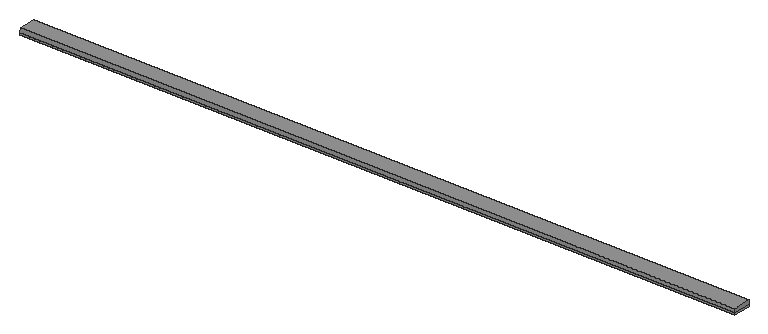
Revit family "0068130", category Lighting Fixtures, host Face, Revit 2017
Family settings
  Host = Face
  Round Connector Dimension = Use Diameter
  Part Type = Normal
  OmniClass Number = 23.80.70.00
  OmniClass Title = Lighting
  Cut with Voids When Loaded = No
  Light Source = Yes
  Shared = No
  Room Calculation Point = No
Parameters (values of type "0068130 START FLEX IP65 827 2450LM - 500 mm")
  Width_SYL = if(IP20HO_SYL, 10 mm, if(IP65_SYL, 12 mm, if(IP65HO_SYL, 10 mm, if(IP67_SYL, 10 mm, if(IP20RGB_SYL, 8 mm, if(IP20RGBW_SYL, 12 mm, if(IP67RGB_SYL, 12 mm, if(IP67RGBW_SYL, 14 mm, 8 mm))))))))  # 12 mm
  Weight = "2.0 kg"
  Wattage Comments = ""
  Wattage = 24 W
  WarrantyStartDate [instance] = "n/a"
  WarrantyGuarantorParts = "n/a"
  WarrantyDurationUnit = "n/a"
  WarrantyDurationParts = "n/a"
  WarrantyDescription = "n/a"
  built-in parameter 1150110 = 1 (stored number, unit not read)
  Voltage = 24 V
  URL = "http://www.sylvania-lighting.com"
  TypeName = "START Flex IP65 827 2450lm - 500 mm"
  Type Image = <None>
  Type Comments = "n/a"
  built-in parameter 1114217 = 1 (stored number, unit not read)
  Tilt Angle = -90.00°
  built-in parameter 1150109 = 1 (stored number, unit not read)
  built-in parameter 1150134 = (empty or 0)
  built-in parameter 1150113 = 1 (stored number, unit not read)
  StartCapWidth_SYL = if(IP20HO_SYL, 2 mm, if(IP65_SYL, 14 mm, if(IP65HO_SYL, 12 mm, if(IP67_SYL, 17.5 mm, if(IP20RGB_SYL, 2 mm, if(IP20RGBW_SYL, 2 mm, if(IP67RGB_SYL, 14 mm, if(IP67RGBW_SYL, 16 mm, 2 mm))))))))  # 14 mm
  StartCapVisible_SYL [instance] = no
  StartCapLength_SYL = if(IP20HO_SYL, 2 mm, if(IP65_SYL, 10 mm, if(IP65HO_SYL, 15 mm, if(IP67_SYL, 35 mm, if(IP20RGB_SYL, 2 mm, if(IP20RGBW_SYL, 2 mm, if(IP67RGB_SYL, 12 mm, if(IP67RGBW_SYL, 12 mm, 2 mm))))))))  # 10 mm
  StartCapHeight_SYL = if(IP20HO_SYL, 2 mm, if(IP65_SYL, 6 mm, if(IP65HO_SYL, 6 mm, if(IP67_SYL, 9.5 mm, if(IP20RGB_SYL, 2 mm, if(IP20RGBW_SYL, 2 mm, if(IP67RGB_SYL, 7 mm, if(IP67RGBW_SYL, 7 mm, 2 mm))))))))  # 6 mm
  SerialNumber [instance] = "n/a"
  SealingVisibility_SYL = yes
  IP67_SYL = no
  IP67RGB_SYL = no
  IP67RGBW_SYL = no
  IP65_SYL = yes
  IP65HO_SYL = no
  IP20RGB_SYL = no
  IP20RGBW_SYL = no
  IP20HO_SYL = no
  HeightWithSealing_SYL = if(IP20HO_SYL, 2 mm, if(IP65_SYL, 4 mm, if(IP65HO_SYL, 4 mm, if(IP67_SYL, 6 mm, if(IP20RGB_SYL, 2 mm, if(IP20RGBW_SYL, 2 mm, if(IP67RGB_SYL, 5 mm, if(IP67RGBW_SYL, 5 mm, 2 mm))))))))  # 4 mm
  Photometric Web File = "0068130.ies"
  Material_3_SYL = ABS Plastic
  PowerFactor = 0
  PowerConsumption = "24 W"
  NominalLength = 5000 mm
  NominalHeight = 4 mm
  NominalDepth = 10 mm
  Name = "START Flex IP65 827 2450lm - 500 mm"
  ModelReference = Name  # "START Flex IP65 827 2450lm - 500 mm"
  ModelNumber = "0068130"
  Model = Name  # "START Flex IP65 827 2450lm - 500 mm"
  Material = "other housing, silicone diffuser"
  ManufacturerName = "Feilo Sylvania"
  Manufacturer = "Feilo Sylvania"
  LuminousEfficacy = "102 lm/W"
  built-in parameter 1150105 = 849.94 (stored number, unit not read)
  Lumens = 2448 lm
  LuminaireType = ""
  built-in parameter 1150115 = 1 (stored number, unit not read)
  LightOutputRatio = "n/a"
  built-in parameter 1150137 = (empty or 0)
  built-in parameter 1150139 = (empty or 0)
  Length_SYL = 500 mm
  LampsType = Lamp  # "LED"
  LampNominalLuminous = "2450 lm"
  LampMacAdamStep = "3"
  LampColourTemperature = "2700 K"
  LampColourRenderingIndex = "80"
  built-in parameter 1150112 = 1 (stored number, unit not read)
  built-in parameter 1150114 = 1 (stored number, unit not read)
  Lamp = "LED"
  Keynote = "16500"
  InstallationDate [instance] = "n/a"
  InputVoltage = "24V DC"
  InputNominalFrequency = "n/a"
  built-in parameter 1150132 = (empty or 0)
  built-in parameter 1150102 = (empty or 0)
  built-in parameter 1150107 = 2700 (stored number, unit not read)
  built-in parameter 1150138 = (empty or 0)
  IngressProtection = "IP65"
  ImpactProtectionIndex = "IK00"
  built-in parameter 1150106 = 8.4994 (stored number, unit not read)
  IfcExportType = "IfcLightFixtureType"
  IfcExportAs = "IfcLightFixtureType"
  EndCapWidth_SYL = if(IP20HO_SYL, 2 mm, if(IP65_SYL, 14 mm, if(IP65HO_SYL, 12 mm, if(IP67_SYL, 17.5 mm, if(IP20RGB_SYL, 2 mm, if(IP20RGBW_SYL, 2 mm, if(IP67RGB_SYL, 14 mm, if(IP67RGBW_SYL, 16 mm, 2 mm))))))))  # 14 mm
  EndCapVisible_SYL [instance] = no
  EndCapLength_SYL = if(IP20HO_SYL, 2 mm, if(IP65_SYL, 10 mm, if(IP65HO_SYL, 10 mm, if(IP67_SYL, 15 mm, if(IP20RGB_SYL, 2 mm, if(IP20RGBW_SYL, 2 mm, if(IP67RGB_SYL, 10 mm, if(IP67RGBW_SYL, 10 mm, 2 mm))))))))  # 10 mm
  EndCapHeight_SYL = if(IP20HO_SYL, 2 mm, if(IP65_SYL, 6 mm, if(IP65HO_SYL, 6 mm, if(IP67_SYL, 9.5 mm, if(IP20RGB_SYL, 2 mm, if(IP20RGBW_SYL, 2 mm, if(IP67RGB_SYL, 7 mm, if(IP67RGBW_SYL, 7 mm, 2 mm))))))))  # 6 mm
  EmitSurfaceOffset_SYL = 1 mm  # constant formula
  EmitSurfaceHeight_SYL = if(IP20HO_SYL, 1.2 mm, if(IP65_SYL, 4 mm, if(IP65HO_SYL, 4 mm, if(IP67_SYL, 6 mm, if(IP20RGB_SYL, 1.2 mm, if(IP20RGBW_SYL, 1.2 mm, if(IP67RGB_SYL, 5 mm, if(IP67RGBW_SYL, 5 mm, 1.2 mm))))))))  # 4 mm
  built-in parameter 1150127 = if(IP20HO_SYL, 3.5 mm, if(IP65_SYL, 12 mm, if(IP65HO_SYL, 10 mm, if(IP67_SYL, 10 mm, if(IP20RGB_SYL, 5 mm, if(IP20RGBW_SYL, 5 mm, if(IP67RGB_SYL, 12 mm, if(IP67RGBW_SYL, 14 mm, 3.5 mm))))))))  # 12 mm
  Emit from Rectangle Length = Length_SYL - 2 * EmitSurfaceOffset_SYL  # 498 mm
  Emit Shape Visible in Rendering = no
  ElectricShockClassification = "Class III"
  built-in parameter 1150104 = 9.4761 (stored number, unit not read)
  DocumentationLiterature = "http://www.sylvania-lighting.com/product/en-int/products/0068130"
  DimmingControlOptions = "n/a"
  Material_2_SYL = LED
  Dimming Lamp Color Temperature Shift = <None>
  Description = "5 metre IP65 LED reel with pre-attached 3M adhesive type;  equipped with 300 LEDs , 24V; 2700K; CRI80; SDCM <3; 50000 hrs (L70)"
  Default Elevation = 1219.2 mm
  CreatedOn = "9/11/2019"
  CreatedBy = "@sylvania-lighting.com"
  Cost = 0
  Color Filter = 16777215
  built-in parameter 1114216 [instance] = (empty or 0)
  ClassificationValue = "EF_70_80"
  ClassificationName = "Uniclass2015"
  Material_1_SYL = Aluminum
  BarCode [instance] = "n/a"
  Emit from Rectangle Width = 304.8 mm
  built-in parameter 1150133 = 10 (stored number, unit not read)
  AssetType = "Fixed"
  AssetIdentifier [instance] = "n/a"
  Assembly Code = "D5020200"
  Apparent Load = 24 VA
  Material_4_SYL = Polycarbonate, Clear
Types (4, lengths in mm): name | TypeName | StartCapVisible_SYL | Name | ModelReference | Model | Length_SYL | EndCapVisible_SYL | Emit from Rectangle Length
  0068130 START FLEX IP65 827 2450LM - 500 mm | "START Flex IP65 827 2450lm - 500 mm" | no | "START Flex IP65 827 2450lm - 500 mm" | "START Flex IP65 827 2450lm - 500 mm" | "START Flex IP65 827 2450lm - 500 mm" | 500 | no | 498
  0068130 START FLEX IP65 827 2450LM - 100 mm | "START Flex IP65 827 2450lm - 100 mm" | no | "START Flex IP65 827 2450lm - 100 mm" | "START Flex IP65 827 2450lm - 100 mm" | "START Flex IP65 827 2450lm - 100 mm" | 100 | no | 98
  0068130 START FLEX IP65 827 2450LM - 50 mm | "START Flex IP65 827 2450lm - 50 mm" | yes | "START Flex IP65 827 2450lm - 50 mm" | "START Flex IP65 827 2450lm - 50 mm" | "START Flex IP65 827 2450lm - 50 mm" | 50 | yes | 48
  0068130 START FLEX IP65 827 2450LM - 10 mm | "START Flex IP65 827 2450lm - 10 mm" | yes | "START Flex IP65 827 2450lm - 10 mm" | "START Flex IP65 827 2450lm - 10 mm" | "START Flex IP65 827 2450lm - 10 mm" | 10 | yes | 8
Reference planes
  plane 1 "Center (Front/Back)": y = 0
  plane 2: z = 0
  plane 3 "Center (Left/Right)": x = 0
  plane 4: y = 6
  plane 5: y = -6
  plane 6: z = 1.2
  plane 7: x = 500
  plane 8: x = 250
  plane 9: x = 1
  plane 10: x = 499
  plane 11: y = 1.8
  plane 12: y = -1.8
  plane 13: y = 7
  plane 14: y = -7
  plane 15: x = -10
  plane 16: x = 510
  plane 17: y = 7
  plane 18: y = -7
  plane 19: z = 4
  plane 20: z = 4
  plane 21: z = 2
  plane 22: z = -1
  plane 23: z = 5
  plane 24: z = 5
  plane 25: z = -1
Forms (mm)
  Extrusion 1, solid, material "Aluminum" <- "Material_1_SYL"
    sketch origin (0, 0, 0) x (0, 1, 0) y (0, 0, 1)
      loop
        line (-6, 1.2) -> (-6, 0) -> (6, 0) -> (6, 1.2) -> (-6, 1.2)
    from 0 to 500
  Extrusion 2, solid, material "Polycarbonate, Clear" <- "Material_4_SYL", visible <- "SealingVisibility_SYL"
    sketch origin (0, 0, 0) x (0, 1, 0) y (0, 0, 1)
      loop
        line (-6, 1.2) -> (6, 1.2) -> (6, 4) -> (-6, 4) -> (-6, 1.2)
    from 0 to 500
  Extrusion 3, solid, visible <- "StartCapVisible_SYL"
    sketch origin (0, 0, 0) x (0, 1, 0) y (0, 0, 1)
      loop
        line (-7, -1) -> (7, -1) -> (7, 5) -> (-7, 5) -> (-7, -1)
    from 0 to -10
  Extrusion 4, solid, visible <- "EndCapVisible_SYL"
    sketch origin (500, 1524, 1219.2) x (0, 1, 0) y (0, 0, 1)
      loop
        line (-1517, -1220.2) -> (-1517, -1214.2) -> (-1531, -1214.2) -> (-1531, -1220.2) -> (-1517, -1220.2)
    from 0 to 10
Lines and regions (mm)
  Split face 1
    outline origin (0, -6, 1.2) x (0, 1, 0) y (-1, 0, 0)
      loop
        line (7.8, -1) -> (4.2, -1) -> (4.2, -499) -> (7.8, -499) -> (7.8, -1)
  reference lines
    curve 1: line (1, 1.8, 0) -> (499, 1.8, 0)
    curve 2: line (1, -1.8, 0) -> (1, 1.8, 0)
    curve 3: line (499, -1.8, 0) -> (1, -1.8, 0)
    curve 4: line (499, 1.8, 0) -> (499, -1.8, 0)
Dimensions and locks
  equal spacing: plane 5, plane 1 "Center (Front/Back)", plane 4
  "Width_SYL": plane 5 to plane 4
  "Length_SYL": plane 3 "Center (Left/Right)" to plane 7
  "EmitSurfaceOffset_SYL": plane 3 "Center (Left/Right)" to plane 9
  equal spacing: plane 9, plane 8, plane 10
  "EmitSurfaceOffset_SYL": plane 10 to plane 7
  equal spacing: plane 12, plane 1 "Center (Front/Back)", plane 11
  locked: plane 12 to plane 11 at 3.6
  equal spacing: plane 14, plane 1 "Center (Front/Back)", plane 13
  "StartCapWidth_SYL": plane 14 to plane 13
  "StartCapLength_SYL": plane 15 to plane 3 "Center (Left/Right)"
  equal spacing: plane 18, plane 1 "Center (Front/Back)", plane 17
  "EndCapWidth_SYL": plane 18 to plane 17
  "EndCapLength_SYL": plane 7 to plane 16
  "EmitSurfaceHeight_SYL": plane 19 to plane 2
  "HeightWithSealing_SYL": host face to plane 20
  equal spacing: plane 2, plane 21, plane 19
  equal spacing: plane 22, plane 21, plane 23
  "EndCapHeight_SYL": plane 22 to plane 23
  equal spacing: plane 25, plane 21, plane 24
  "StartCapHeight_SYL": plane 25 to plane 24
  aligned and locked: plane 2 to host face
  aligned and locked: level to host face
  aligned and locked: plane 6 to Extrusion 1 sketch curve
  aligned and locked: Extrusion 1 sketch curve to plane 5
  aligned and locked: level to Extrusion 1 sketch curve
  aligned and locked: plane 4 to Extrusion 1 sketch curve
  aligned and locked: plane 7 to Extrusion 1
  aligned and locked: imposter light to plane 1 "Center (Front/Back)"
  aligned and locked: plane 8 to imposter light
  aligned and locked: plane 11 to curve 1
  aligned and locked: plane 9 to curve 2
  aligned and locked: curve 3 to plane 12
  aligned and locked: curve 4 to plane 10
  aligned and locked: Split face 1 sketch curve to curve 1
  aligned and locked: Split face 1 sketch curve to curve 4
  aligned and locked: Split face 1 sketch curve to curve 3
  aligned and locked: Split face 1 sketch curve to curve 2
  aligned and locked: imposter light to plane 19
  aligned and locked: Extrusion 2 sketch curve to Extrusion 1  (x2)
  aligned and locked: Extrusion 2 sketch curve to plane 20
  aligned and locked: Extrusion 2 sketch curve to plane 4
  aligned and locked: Extrusion 2 to plane 3 "Center (Left/Right)"
  aligned and locked: plane 7 to Extrusion 2
  aligned and locked: plane 22 to Extrusion 3 sketch curve
  aligned and locked: plane 14 to Extrusion 3 sketch curve
  aligned and locked: Extrusion 3 sketch curve to plane 23
  aligned and locked: Extrusion 3 sketch curve to plane 13
  aligned and locked: Extrusion 3 to plane 15
  aligned and locked: plane 3 "Center (Left/Right)" to Extrusion 3
  aligned and locked: plane 13 to Extrusion 4 sketch curve
  aligned and locked: plane 23 to Extrusion 4 sketch curve
  aligned and locked: Extrusion 4 sketch curve to plane 18
  aligned and locked: Extrusion 4 sketch curve to plane 25
  aligned and locked: plane 16 to Extrusion 4
  aligned and locked: Extrusion 4 to plane 7
Automatic sketch dimensions
  host sketch curve to host sketch curve = 600 mm
  host sketch curve to host sketch curve = 100 mm
Connectors
  electrical at (0, 0, 0.6), driven by "Voltage", driven by "Apparent Load", driven by "PowerFactor"
    settings: on Extrusion 1, index 1, voltage 24 V, apparent load 24 VA, apparent load phase1 0 VA, apparent load phase2 0 VA, apparent load phase3 0 VA, power factor 0, load classification "Other", number of poles 1, system type 30, power factor state 1, is connector primary yes, connector utility no, sub classification motor no, connector description ""
